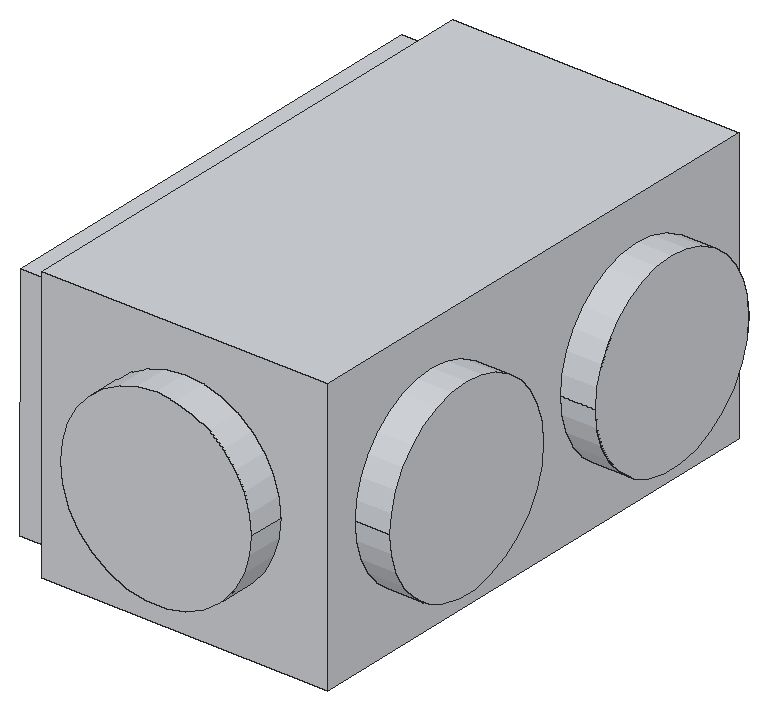
Revit family "1db060ee166c4abf81922ca8e2248a33", category Duct Fittings, Revit 2021
Family settings
  Round Connector Dimension = Use Radius
  Part Type = Cross
  OmniClass Number = 23.75.70.11.14.24
  OmniClass Title = Air Mixers
  Seek Item ID = VAV Outlet Plenum - Double Wye-0000-USA-ENU
  Work Plane-Based = No
  Always vertical = Yes
  Cut with Voids When Loaded = No
  Shared = No
Parameters (values of type "Standard")
  Supply Air Outlet Radius = Supply Air Outlet Diameter / 2  # 4"
  Supply Air Outlet Diameter = 8"
  Supply Air Inlet Width = 20"
  Supply Air Inlet Height = 10"
  Quarter Of Plenum Width = Plenum Width / 4  # 5 3/8"
  Plenum Width = Supply Air Inlet Width + 0' 1 1/2"  # 21 1/2"
  Plenum Length = 12"
  Plenum Height = Supply Air Inlet Height + 0' 1 1/2"  # 11 1/2"
  Lining Thickness = 0"
  Lining Supply Air Outlet Radius = Supply Air Outlet Radius - Lining Thickness * 2  # 4"
  Lining Supply Air Inlet Width = Supply Air Inlet Width - Lining Thickness * 2  # 20"
  Lining Supply Air Inlet Height = Supply Air Inlet Height - Lining Thickness * 2  # 10"
  Lining Plenum Width = Plenum Width - Lining Thickness * 2  # 21 1/2"
  Lining Plenum Length = Plenum Length - Lining Thickness * 2  # 12"
  Lining Plenum Height = Plenum Height - Lining Thickness * 2  # 11 1/2"
  Insulation Thickness = 0"
  Insulation Supply Air Outlet Radius = Supply Air Outlet Radius + Insulation Thickness * 2  # 4"
  Insulation Supply Air Outlet Diameter = Supply Air Outlet Diameter + Insulation Thickness * 2  # 8"
  Insulation Supply Air Inlet Width = Supply Air Inlet Width + Insulation Thickness * 2  # 20"
  Insulation Plenum Width = Plenum Width + Insulation Thickness * 2  # 21 1/2"
  Insulation Plenum Length = Plenum Length + Insulation Thickness * 2  # 12"
  Insulation Plenum Height = Plenum Height + Insulation Thickness * 2  # 11 1/2"
  Insuation Supply Air Inlet Height = Supply Air Inlet Height + Insulation Thickness * 2  # 10"
  Default Elevation = 0' - 0"
Reference planes (in)
  plane 1 "Center (Front/Back)": y = 0
  plane 2 "Center(Elevation)": z = 0
  plane 3 "Center (Left/Right)": x = 0
  plane 4: y = 10.75
  plane 5: y = -10.75
  plane 6: x = 6
  plane 7: x = -6
  plane 8: z = 5.75
  plane 9: z = -5.75
  plane 10: x = -7.5
  plane 11: x = 7.5
  plane 12: y = -10
  plane 13: y = 10
  plane 14: z = 5
  plane 15: z = -5
  plane 16: y = 5.375
  plane 17: y = -5.375
  plane 18: z = 5.75
  plane 19: z = -5.75
  plane 20: z = 5.75
  plane 21: z = -5.75
  plane 22: x = -6
  plane 23: x = 6
  plane 24: x = 6
  plane 25: x = -6
  plane 26: y = 10.75
  plane 27: y = -10.75
  plane 28: y = 10.75
  plane 29: y = -10.75
  plane 30: y = 10
  plane 31: y = -10
  plane 32: y = 10
  plane 33: y = -10
  plane 34: z = 5
  plane 35: z = -5
  plane 36: z = 5
  plane 37: z = -5
  plane 38: y = 12.25
  plane 39: y = -12.25
Forms (in)
  Extrusion 1, solid
    sketch origin (0, 0, 0) x (1, 0, 0) y (0, 1, 0)
      loop
        line (-6, 10.75) -> (-6, -10.75) -> (6, -10.75) -> (6, 10.75) -> (-6, 10.75)
    from -5.75 to 5.75
  Extrusion 2, solid
    sketch origin (0, 0, 0) x (0, 1, 0) y (0, 0, 1)
      loop
        line (10, 5) -> (-10, 5) -> (-10, -5) -> (10, -5) -> (10, 5)
    from -7.5 to -6
  Extrusion 3, solid
    sketch origin (0, 0, 0) x (1, 0, 0) y (0, 0, 1)
      loop
        circle (0, 0) r 4
    from 12.25 to 10.75
  Extrusion 4, solid
    sketch origin (0, 0, 0) x (1, 0, 0) y (0, 0, 1)
      loop
        circle (0, 0) r 4
    from -10.75 to -12.25
  Extrusion 5, solid
    sketch origin (0, 0, 0) x (0, 1, 0) y (0, 0, 1)
      loop
        circle (5.375, 0) r 4
    from 6 to 7.5
  Extrusion 6, solid
    sketch origin (0, 0, 0) x (0, 1, 0) y (0, 0, 1)
      loop
        circle (-5.375, 0) r 4
    from 6 to 7.5
  Extrusion 7, solid
    sketch origin (0, 0, 0) x (0, 1, 0) y (0, 0, 1)
      loop
        circle (-5.375, 0) r 4
    from 6 to 7.5
  Extrusion 8, solid
    sketch origin (0, 0, 0) x (0, 1, 0) y (0, 0, 1)
      loop
        circle (5.375, 0) r 4
    from 6 to 7.5
  Extrusion 9, solid
    sketch origin (0, 0, 0) x (0, 1, 0) y (0, 0, 1)
      loop
        circle (-5.375, 0) r 4
    from 6 to 7.5
  Extrusion 10, solid
    sketch origin (0, 0, 0) x (0, 1, 0) y (0, 0, 1)
      loop
        circle (5.375, 0) r 4
    from 6 to 7.5
  Extrusion 11, solid
    sketch origin (0, 0, 0) x (1, 0, 0) y (0, 0, 1)
      loop
        circle (0, 0) r 4
    from 12.25 to 10.75
  Extrusion 12, solid
    sketch origin (0, 0, 8.25) x (1, 0, 0) y (0, 0, 1)
      loop
        circle (0, -8.25) r 4
    from -10.75 to -12.25
  Extrusion 13, solid
    sketch origin (0, 0, 0) x (1, 0, 0) y (0, 0, 1)
      loop
        circle (0, 0) r 4
    from 10.75 to 12.25
  Extrusion 14, solid
    sketch origin (0, 0, 0) x (1, 0, 0) y (0, 0, 1)
      loop
        circle (0, 0) r 4
    from -12.25 to -10.75
  Extrusion 15, solid
    sketch origin (0, 0, 0) x (1, 0, 0) y (0, 0, 1)
      loop
        line (-6, 5.75) -> (-6, -5.75) -> (6, -5.75) -> (6, 5.75) -> (-6, 5.75)
    from -10.75 to 10.75
  Extrusion 16, solid
    sketch origin (0, 0, 0) x (1, 0, 0) y (0, 0, 1)
      loop
        line (-6, 5.75) -> (-6, -5.75) -> (6, -5.75) -> (6, 5.75) -> (-6, 5.75)
    from -10.75 to 10.75
  Extrusion 17, solid
    sketch origin (0, 0, 0) x (0, 1, 0) y (0, 0, 1)
      loop
        line (-10, 5) -> (-10, -5) -> (10, -5) -> (10, 5) -> (-10, 5)
    from -7.5 to -6
  Extrusion 18, solid
    sketch origin (0, 0, 0) x (0, 1, 0) y (0, 0, 1)
      loop
        line (-10, 5) -> (-10, -5) -> (10, -5) -> (10, 5) -> (-10, 5)
    from -6 to -7.5
Dimensions and locks (in)
  equal spacing: plane 5, plane 1 "Center (Front/Back)", plane 4
  "Plenum Width": plane 5 to plane 4
  equal spacing: plane 7, plane 3 "Center (Left/Right)", plane 6
  "Plenum Length": plane 7 to plane 6
  equal spacing: plane 8, plane 2 "Center(Elevation)", plane 9
  "Plenum Height": plane 8 to plane 9
  locked: plane 6 to plane 11 at 1.5
  locked: plane 10 to plane 7 at 1.5
  equal spacing: plane 13, plane 1 "Center (Front/Back)", plane 12
  "Supply Air Inlet Width": plane 13 to plane 12
  equal spacing: plane 14, plane 2 "Center(Elevation)", plane 15
  "Supply Air Inlet Height": plane 14 to plane 15
  equal spacing: plane 18, plane 2 "Center(Elevation)", plane 19
  "Lining Plenum Height": plane 18 to plane 19
  equal spacing: plane 20, plane 2 "Center(Elevation)", plane 21
  "Insulation Plenum Height": plane 20 to plane 21
  equal spacing: plane 23, plane 3 "Center (Left/Right)", plane 22
  "Lining Plenum Length": plane 23 to plane 22
  equal spacing: plane 25, plane 3 "Center (Left/Right)", plane 24
  "Insulation Plenum Length": plane 25 to plane 24
  equal spacing: plane 27, plane 1 "Center (Front/Back)", plane 26
  "Lining Plenum Width": plane 27 to plane 26
  equal spacing: plane 29, plane 1 "Center (Front/Back)", plane 28
  "Insulation Plenum Width": plane 29 to plane 28
  equal spacing: plane 31, plane 1 "Center (Front/Back)", plane 30
  "Lining Supply Air Inlet Width": plane 31 to plane 30
  equal spacing: plane 33, plane 1 "Center (Front/Back)", plane 32
  "Insulation Supply Air Inlet Width": plane 33 to plane 32
  equal spacing: plane 34, plane 2 "Center(Elevation)", plane 35
  "Insuation Supply Air Inlet Height": plane 34 to plane 35
  equal spacing: plane 36, plane 2 "Center(Elevation)", plane 37
  "Lining Supply Air Inlet Height": plane 36 to plane 37
  "Quarter Of Plenum Width": plane 16 to plane 4
  "Quarter Of Plenum Width": plane 16 to plane 1 "Center (Front/Back)"
  "Quarter Of Plenum Width": plane 17 to plane 1 "Center (Front/Back)"
  locked: plane 38 to plane 4 at 1.5
  locked: plane 5 to plane 39 at 1.5
  "Supply Air Outlet Radius": radius of Extrusion 3 sketch curve
  "Supply Air Outlet Radius": radius of Extrusion 4 sketch curve
  "Supply Air Outlet Radius": radius of Extrusion 5 sketch curve
  "Supply Air Outlet Radius": radius of Extrusion 6 sketch curve
  "Insulation Supply Air Outlet Radius": radius of Extrusion 7 sketch curve
  "Insulation Supply Air Outlet Radius": radius of Extrusion 8 sketch curve
  "Lining Supply Air Outlet Radius": radius of Extrusion 9 sketch curve
  "Lining Supply Air Outlet Radius": radius of Extrusion 10 sketch curve
  "Insulation Supply Air Outlet Radius": radius of Extrusion 11 sketch curve
  "Insulation Supply Air Outlet Radius": radius of Extrusion 12 sketch curve
  "Lining Supply Air Outlet Radius": radius of Extrusion 13 sketch curve
  "Lining Supply Air Outlet Radius": radius of Extrusion 14 sketch curve
  aligned and locked: plane 7 to Extrusion 1 sketch curve
  aligned and locked: plane 4 to Extrusion 1 sketch curve
  aligned and locked: plane 5 to Extrusion 1 sketch curve
  aligned and locked: Extrusion 1 sketch curve to plane 6
  aligned and locked: plane 8 to Extrusion 1
  aligned and locked: plane 9 to Extrusion 1
  aligned and locked: plane 13 to Extrusion 2 sketch curve
  aligned and locked: plane 14 to Extrusion 2 sketch curve
  aligned and locked: plane 15 to Extrusion 2 sketch curve
  aligned and locked: plane 12 to Extrusion 2 sketch curve
  aligned and locked: plane 10 to Extrusion 2
  aligned and locked: Extrusion 2 to plane 7
  aligned and locked: plane 2 "Center(Elevation)" to Extrusion 3 sketch curve
  aligned and locked: plane 3 "Center (Left/Right)" to Extrusion 3 sketch curve
  aligned and locked: plane 2 "Center(Elevation)" to Extrusion 4 sketch curve
  aligned and locked: plane 3 "Center (Left/Right)" to Extrusion 4 sketch curve
  aligned and locked: plane 2 "Center(Elevation)" to Extrusion 5 sketch curve
  aligned and locked: plane 16 to Extrusion 5 sketch curve
  aligned and locked: plane 17 to Extrusion 6 sketch curve
  aligned and locked: plane 2 "Center(Elevation)" to Extrusion 6 sketch curve
  aligned and locked: Extrusion 5 to plane 6
  aligned and locked: plane 11 to Extrusion 5
  aligned and locked: Extrusion 6 to plane 6
  aligned and locked: plane 11 to Extrusion 6
  aligned and locked: plane 17 to Extrusion 7 sketch curve
  aligned and locked: plane 2 "Center(Elevation)" to Extrusion 7 sketch curve
  aligned and locked: plane 16 to Extrusion 8 sketch curve
  aligned and locked: plane 2 "Center(Elevation)" to Extrusion 8 sketch curve
  aligned and locked: Extrusion 7 to plane 6
  aligned and locked: plane 11 to Extrusion 7
  aligned and locked: Extrusion 8 to plane 6
  aligned and locked: plane 11 to Extrusion 8
  aligned and locked: plane 17 to Extrusion 9 sketch curve
  aligned and locked: plane 2 "Center(Elevation)" to Extrusion 9 sketch curve
  aligned and locked: plane 16 to Extrusion 10 sketch curve
  aligned and locked: plane 2 "Center(Elevation)" to Extrusion 10 sketch curve
  aligned and locked: plane 11 to Extrusion 9
  aligned and locked: plane 11 to Extrusion 10
  aligned and locked: plane 3 "Center (Left/Right)" to Extrusion 11 sketch curve
  aligned and locked: plane 2 "Center(Elevation)" to Extrusion 11 sketch curve
  aligned and locked: plane 2 "Center(Elevation)" to Extrusion 12 sketch curve
  aligned and locked: plane 3 "Center (Left/Right)" to Extrusion 12 sketch curve
  aligned and locked: plane 3 "Center (Left/Right)" to Extrusion 13 sketch curve
  aligned and locked: plane 2 "Center(Elevation)" to Extrusion 13 sketch curve
  aligned and locked: plane 3 "Center (Left/Right)" to Extrusion 14 sketch curve
  aligned and locked: plane 2 "Center(Elevation)" to Extrusion 14 sketch curve
  aligned and locked: Extrusion 15 sketch curve to plane 20
  aligned and locked: plane 21 to Extrusion 15 sketch curve
  aligned and locked: plane 22 to Extrusion 16 sketch curve
  aligned and locked: Extrusion 16 sketch curve to plane 18
  aligned and locked: plane 19 to Extrusion 16 sketch curve
  aligned and locked: plane 23 to Extrusion 16 sketch curve
  aligned and locked: Extrusion 15 to plane 28
  aligned and locked: Extrusion 15 to plane 29
  aligned and locked: Extrusion 16 to plane 27
  aligned and locked: Extrusion 16 to plane 26
  aligned and locked: plane 31 to Extrusion 17 sketch curve
  aligned and locked: Extrusion 17 sketch curve to plane 36
  aligned and locked: plane 37 to Extrusion 17 sketch curve
  aligned and locked: plane 30 to Extrusion 17 sketch curve
  aligned and locked: plane 33 to Extrusion 18 sketch curve
  aligned and locked: Extrusion 18 sketch curve to plane 34
  aligned and locked: plane 35 to Extrusion 18 sketch curve
  aligned and locked: plane 32 to Extrusion 18 sketch curve
  aligned and locked: Extrusion 18 to plane 7
  aligned and locked: Extrusion 15 sketch curve to plane 25
  aligned and locked: Extrusion 15 sketch curve to plane 24
  aligned and locked: plane 10 to Extrusion 18
  aligned and locked: plane 10 to Extrusion 17
  aligned and locked: plane 26 to Extrusion 14
  aligned and locked: plane 22 to Extrusion 17
  aligned and locked: plane 23 to Extrusion 10
  aligned and locked: plane 23 to Extrusion 9
  aligned and locked: plane 27 to Extrusion 13
  aligned and locked: plane 38 to Extrusion 4
  aligned and locked: plane 4 to Extrusion 4
  aligned and locked: plane 38 to Extrusion 12
  aligned and locked: plane 38 to Extrusion 14
  aligned and locked: Extrusion 3 to plane 39
  aligned and locked: plane 5 to Extrusion 3
  aligned and locked: Extrusion 11 to plane 39
  aligned and locked: Extrusion 13 to plane 39
  aligned and locked: plane 26 to Extrusion 12
  aligned and locked: plane 27 to Extrusion 11
Connectors (in)
  hvac at (-7.5, 0, 0), driven by "Supply Air Inlet Height", driven by "Supply Air Inlet Width"
    settings: on Extrusion 2, index 1, duct flow 0 CFM, flow factor 0, pres drop 0.00 in-wg, loss coef 0, conn angle 0.00°, conn width 20", conn height 10", conn diameter 24", duct sys type 28, conn prof type 1, flow config 0, flow direction 0, loss method 0, conn ref index -1, conn util no, is conn primary yes, conn desc ""
  hvac at (7.5, -5.375, 0), driven by "Supply Air Outlet Radius"
    settings: on Extrusion 6, index 2, duct flow 0 CFM, flow factor 0, pres drop 0.00 in-wg, loss coef 0, conn angle 0.00°, conn width 12", conn height 12", conn diameter 8", duct sys type 28, conn prof type 0, flow config 0, flow direction 0, loss method 0, conn ref index -1, conn util no, is conn primary no, conn desc ""
  hvac at (7.5, 5.375, 0), driven by "Supply Air Outlet Radius"
    settings: on Extrusion 5, index 3, duct flow 0 CFM, flow factor 0, pres drop 0.00 in-wg, loss coef 0, conn angle 0.00°, conn width 12", conn height 12", conn diameter 8", duct sys type 28, conn prof type 0, flow config 0, flow direction 0, loss method 0, conn ref index -1, conn util no, is conn primary no, conn desc ""
  hvac at (0, -10.75, 0), driven by "Supply Air Outlet Radius"
    settings: on Extrusion 3, index 4, duct flow 0 CFM, flow factor 0, pres drop 0.00 in-wg, loss coef 0, conn angle 0.00°, conn width 12", conn height 12", conn diameter 8", duct sys type 28, conn prof type 0, flow config 0, flow direction 0, loss method 0, conn ref index -1, conn util no, is conn primary no, conn desc ""
  hvac at (0, 10.75, 0), driven by "Supply Air Outlet Radius"
    settings: on Extrusion 4, index 5, duct flow 0 CFM, flow factor 0, pres drop 0.00 in-wg, loss coef 0, conn angle 0.00°, conn width 12", conn height 12", conn diameter 8", duct sys type 28, conn prof type 0, flow config 0, flow direction 0, loss method 0, conn ref index -1, conn util no, is conn primary no, conn desc ""
